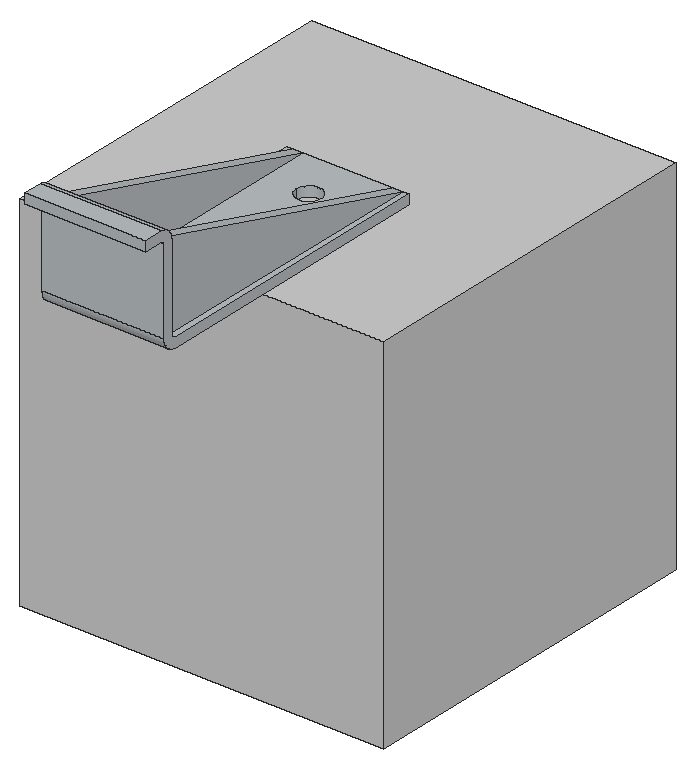
Revit family "REC-MP6T-2T21", category Structural Connections, host Face, Revit 2024
Family settings
  Host = Face
  Material for Model Behavior = Steel
  Enable Cutting in Views = Yes
  Cut with Voids When Loaded = Yes
  Shared = No
Parameters (values of type "MP6T-2T21")
  Visible = yes
  URL_Product_(Producto) = ""
  URL_DataSheet_(FichaTecnica) = ""
  URL_CE_Marking_(MarcadoCE) = ""
  Type IFC Predefined Type = "Brackets"
  Type Comments = ""
  URL = "https://recense.com/"
  Model = "MP6T-2T21"
  Manufacturer = "RECENSE"
  Keynote_ESP = "Sistema de sustentación de paneles prefabricados en pilares para cargas de hasta 6T."
  Keynote = "Supporting system for prefabricated panels on columns for loads up to 6T."
  IFCExportType = Classification.Uniclass.Pr.Description  # "Brackets"
  IFCExportAs = "IfcElementAssembly"
  Fecha de Creacion: = "01/03/2024"
  Fecha Ultima Revision: = "01/03/2024"
  Export Type to IFC As = "IfcElementAssembly"
  Description_ESP = "Ménsula de pilar 6 T, 2 taladros Ø21 mm."
  Description = "Pilar corbel 6 T,  with 2 holes Ø21 mm."
  Default Elevation = 0.0 mm
  Creado por: = "Deliprogal SL"
  Cost = 0
  Classification.Uniclass.Ss.Number = ""
  Classification.Uniclass.Ss.Description = ""
  Classification.Uniclass.Pr.Number = "Pr_20_85_09"
  Classification.Uniclass.Pr.Description = "Brackets"
  Classification.Uniclass.EF.Number = ""
  Classification.Uniclass.EF.Description = ""
  Classification.Space.Number = ""
  Classification.Space.Description = ""
  Classification.Facility.Number = ""
  Classification.Facility.Description = ""
  Assembly Code = ""
Reference planes
  plane 1 "Center (Front/Back)": y = 0
  plane 2: z = 0
  plane 3 "Center (Left/Right)": x = 0
Forms (mm)
  Extrusion 1, solid, material "REC_Base"
    sketch origin (0, -719.2, 0) x (1, 0, 0) y (0, 1, 0)
      loop
        line (-150, 869.2) -> (-150, 569.2) -> (150, 569.2) -> (150, 869.2) -> (-150, 869.2)
    from 0 to -300
  Extrusion 2, solid, material "REC_Acero, S 275JR (Zincado)"
    sketch origin (-50, 0, 0) x (0, 0, 1) y (0, -1, 0)
      loop
        line (82, 252) -> (12, 252)
        arc (12, 252) -> (3.515, 248.485) -> (0, 240) r 12
        line (0, 240) -> (0, 0) -> (8, 0) -> (8, 240)
        arc (8, 240) -> (9.172, 242.828) -> (12, 244) r 4
        line (12, 244) -> (82, 244)
        arc (82, 244) -> (89.071, 246.929) -> (92, 254) r 10
        line (92, 254) -> (92, 270) -> (84, 270) -> (84, 254)
        arc (84, 254) -> (83.414, 252.586) -> (82, 252) r 2
    from 0 to 100
  Extrusion 3, solid, material "REC_Acero, S 275JR (Zincado)"
    sketch origin (-50, 0, 0) x (0, 0, 1) y (0, -1, 0)
      loop
        line (82, 244) -> (16, 244) -> (8, 236) -> (8, 0) -> (82, 244)
    from 87 to 95
  Extrusion 4, void
    sketch origin (-50, -120, 0) x (0, -1, 0) y (1, 0, 0)
      loop
        circle (-80, 50) r 10.5
      loop
        circle (80, 50) r 10.5
    from 0 to 8
  Extrusion 5, solid, material "REC_Acero, S 275JR (Zincado)"
    sketch origin (50, 0, 0) x (0, 0, 1) y (0, 1, 0)
      loop
        line (82, -244) -> (8, 0) -> (8, -236) -> (16, -244) -> (82, -244)
    from 87 to 95
Cuts and joins
  Extrusion 4 cuts Extrusion 2
  joined: Extrusion 2, Extrusion 3, Extrusion 5
Dimensions and locks
  cut or joined group of Extrusion 2, Extrusion 3, Extrusion 4, Extrusion 5 to cut or joined group of Extrusion 2, Extrusion 3, Extrusion 4, Extrusion 5 = 29.5 mm
  cut or joined group of Extrusion 2, Extrusion 3, Extrusion 4, Extrusion 5 to cut or joined group of Extrusion 2, Extrusion 3, Extrusion 4, Extrusion 5 = 189.5 mm
  aligned and locked: plane 2 to Extrusion 1
  aligned and locked: level to Extrusion 1
